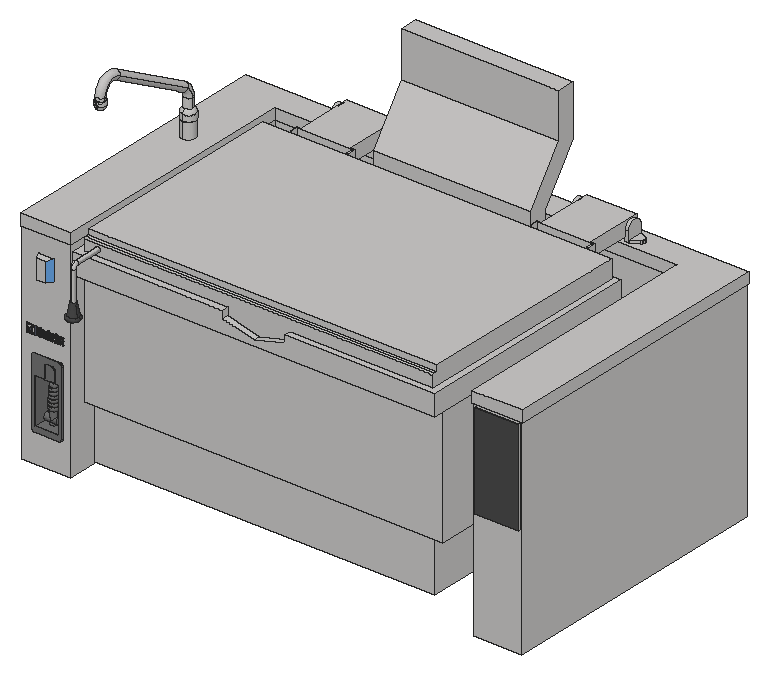
Revit family "QF_ELECTROLUXPROFESSIONAL_586933_PFET17GCCS", category Specialty Equipment, Revit 2018 (continued)
Automatic sketch dimensions
  Extrusion 27 sketch curve to Extrusion 27 sketch curve = 0.607 mm
  Extrusion 27 sketch curve to Extrusion 27 sketch curve = 0.372 mm  (x2)
  Extrusion 27 sketch curve to Extrusion 27 sketch curve = 1.696 mm
  Extrusion 27 sketch curve to Extrusion 27 sketch curve = 1.752 mm
  Extrusion 27 sketch curve to Extrusion 27 sketch curve = 0.182 mm  (x2)
  Extrusion 27 sketch curve to Extrusion 27 sketch curve = 0.93 mm
  Extrusion 27 sketch curve to Extrusion 27 sketch curve = 0.155 mm  (x2)
  Extrusion 27 sketch curve to Extrusion 27 sketch curve = 0.996 mm
  Extrusion 27 sketch curve to Extrusion 27 sketch curve = 0.297 mm  (x2)
  Extrusion 27 sketch curve to Extrusion 27 sketch curve = 2.359 mm
  Extrusion 27 sketch curve to Extrusion 27 sketch curve = 0.839 mm
  Extrusion 27 sketch curve to Extrusion 27 sketch curve = 0.892 mm  (x2)
  Extrusion 27 sketch curve to Extrusion 27 sketch curve = 0.563 mm
  Extrusion 27 sketch curve to Extrusion 27 sketch curve = 1.037 mm
  Extrusion 27 sketch curve to Extrusion 27 sketch curve = 0.531 mm  (x2)
  Extrusion 27 sketch curve to Extrusion 27 sketch curve = 0.068 mm  (x2)
  Extrusion 27 sketch curve to Extrusion 27 sketch curve = 0.203 mm
  Extrusion 27 sketch curve to Extrusion 27 sketch curve = 0.107 mm  (x2)
  Extrusion 27 sketch curve to Extrusion 27 sketch curve = 1.305 mm
  Extrusion 27 sketch curve to Extrusion 27 sketch curve = 1.058 mm
  Extrusion 27 sketch curve to Extrusion 27 sketch curve = 0.365 mm
  Extrusion 27 sketch curve to Extrusion 27 sketch curve = 0.15 mm  (x2)
  Extrusion 27 sketch curve to Extrusion 27 sketch curve = 0.475 mm
  Extrusion 27 sketch curve to Extrusion 27 sketch curve = 0.292 mm
  Extrusion 27 sketch curve to Extrusion 27 sketch curve = 0.434 mm  (x2)
  Extrusion 27 sketch curve to Extrusion 27 sketch curve = 0.385 mm  (x2)
  Extrusion 27 sketch curve to Extrusion 27 sketch curve = 2.117 mm
  Extrusion 27 sketch curve to Extrusion 27 sketch curve = 0.295 mm  (x2)
  Extrusion 27 sketch curve to Extrusion 27 sketch curve = 0.968 mm
  Extrusion 27 sketch curve to Extrusion 27 sketch curve = 3.826 mm
  Extrusion 27 sketch curve to Extrusion 27 sketch curve = 1.018 mm  (x2)
  Extrusion 27 sketch curve to Extrusion 27 sketch curve = 4.718 mm
  Extrusion 27 sketch curve to Extrusion 27 sketch curve = 2.967 mm
  Extrusion 27 sketch curve to Extrusion 27 sketch curve = 1.662 mm
  Extrusion 27 sketch curve to Extrusion 27 sketch curve = 1.626 mm  (x3)
  Extrusion 27 sketch curve to Extrusion 27 sketch curve = 1.65 mm
  Extrusion 27 sketch curve to Extrusion 27 sketch curve = 1.192 mm
  Extrusion 27 sketch curve to Extrusion 27 sketch curve = 2.57 mm  (x2)
  Extrusion 27 sketch curve to Extrusion 27 sketch curve = 3.444 mm  (x2)
  Extrusion 27 sketch curve to Extrusion 27 sketch curve = 1.343 mm  (x2)
  Extrusion 27 sketch curve to Extrusion 27 sketch curve = 1.353 mm  (x2)
  Extrusion 27 sketch curve to Extrusion 27 sketch curve = 0.027 mm  (x2)
  Extrusion 27 sketch curve to Extrusion 27 sketch curve = 0.395 mm  (x2)
  Extrusion 27 sketch curve to Extrusion 27 sketch curve = 0.329 mm  (x2)
  Extrusion 27 sketch curve to Extrusion 27 sketch curve = 0.425 mm  (x2)
  Extrusion 27 sketch curve to Extrusion 27 sketch curve = 0.051 mm  (x2)
  Extrusion 27 sketch curve to Extrusion 27 sketch curve = 0.495 mm  (x2)
  Extrusion 27 sketch curve to Extrusion 27 sketch curve = 0.267 mm  (x2)
  Extrusion 27 sketch curve to Extrusion 27 sketch curve = 1.40 mm
  Extrusion 27 sketch curve to Extrusion 27 sketch curve = 5.233 mm
  Extrusion 27 sketch curve to Extrusion 27 sketch curve = 2.062 mm
  plane 3 "LEFT" to Extrusion 28 sketch curve = 43.40 mm
  Extrusion 28 sketch curve to Extrusion 28 sketch curve = 82.00 mm
  plane 7 to Extrusion 28 sketch curve = 105.944 mm
  Extrusion 28 sketch curve to Extrusion 28 sketch curve = 195.00 mm
  radius of Sweep 5 sketch curve = 6.119 mm
  radius of Extrusion 22 sketch curve = 6.35 mm  (x2)
  radius of Extrusion 22 sketch curve = 12.70 mm
  radius of Extrusion 23 sketch curve = 6.35 mm
  radius of curve 27 = 25.00 mm
  radius of Extrusion 27 sketch curve = 2.453 mm
  radius of Extrusion 27 sketch curve = 1.557 mm
  radius of Extrusion 27 sketch curve = 1.468 mm
  radius of Extrusion 27 sketch curve = 2.451 mm
Nested families
  nested 1: "QF_ELECTROLUXPROFESSIONAL_RubSprint" at (80, -330.346, 900), type "QF_ELECTROLUXPROFESSIONAL_RubSprint"
  nested 2: "QF_ELECTROLUXPROFESSIONAL_SprayGun" at (80.4, -837, 291.944), type "QF_ELECTROLUXPROFESSIONAL_SprayGun"
Connectors
  electrical at (1521.204, 5, 320), driven by "Volts"
    settings: on Extrusion 23, index 1, voltage 230 V, apparent load 200 VA, apparent load phase1 0 VA, apparent load phase2 0 VA, apparent load phase3 0 VA, power factor 1, load classification "Other", number of poles 1, system type 30, power factor state 1, is connector primary yes, connector utility no, sub classification motor no, connector description "Electrical Connection"
  piping at (106.204, 5, 395), diameter 12.7
    settings: on Extrusion 22, index 2, connector inside diameter 1/2", connector length 0.00 mm, flow factor 0, pipe flow 0 GPM, pressure drop 0.00 psi, fitting loss kfactor 0, connector angle 0.00°, fixture units 0, engagement length 0.00 mm, angle of deflection 0.00°, flow configuration 1, flow direction 1, fitting loss method 0, system type 20, joint type 0, gender type 0, connector reference index -1, connector utility 0, adjustable connector no, is connector primary yes, connector description "Cold Water Inlet"
  piping at (46.204, 5, 395), diameter 12.7
    settings: on Extrusion 22, index 3, connector inside diameter 1/2", connector length 0.00 mm, flow factor 0, pipe flow 0 GPM, pressure drop 0.00 psi, fitting loss kfactor 0, connector angle 0.00°, fixture units 0, engagement length 0.00 mm, angle of deflection 0.00°, flow configuration 1, flow direction 1, fitting loss method 0, system type 19, joint type 0, gender type 0, connector reference index -1, connector utility 0, adjustable connector no, is connector primary no, connector description "Hot Water Inlet"
  piping at (75, 5, 345), diameter 25.4
    settings: on Extrusion 22, index 4, connector inside diameter 1", connector length 0.00 mm, flow factor 0, pipe flow 0 GPM, pressure drop 0.00 psi, fitting loss kfactor 0, connector angle 0.00°, fixture units 0, engagement length 0.00 mm, angle of deflection 0.00°, flow configuration 1, flow direction 1, fitting loss method 0, system type 7, joint type 0, gender type 0, connector reference index -1, connector utility 0, adjustable connector no, is connector primary no, connector description "Gas Connection"
Definition of nested family "QF_ELECTROLUXPROFESSIONAL_RubSprint"
  Reference planes
    plane 1 "Center (Front/Back)": y = 0
    plane 2: z = 0
    plane 3 "Center (Left/Right)": x = 0
  Forms (mm)
    Revolve 1, solid
      sketch origin (0, 0, 0) x (0, 1, 0) y (0, 0, 1)
        loop
          line (-21, 0) -> (0, 0) -> (0, 82.75) -> (-14.385, 82.75)
          arc (-14.385, 82.75) -> (-19.409, 76.68) -> (-22.385, 69.383) r 26
          line (-22.385, 69.383) -> (-22.385, 51.306) -> (-21, 50.388) -> (-21, 0)
        axis (0, 82.75) -> (0, 0)
      angle from 0 to 360
    Sweep 2, solid
      path origin (0, 0, 0) x (0, 1, 0) y (0, 0, 1)
        loop
          line (0, 82.75) -> (0, 113.75)
          arc (0, 113.75) -> (-5.44, 133.889) -> (-20.279, 148.551) r 40
          line (-20.279, 148.551) -> (-290.279, 301.55)
          arc (-290.279, 301.55) -> (-330.139, 301.31) -> (-349.999, 266.749) r 40
          line (-349.999, 266.749) -> (-349.999, 257.884)
      profile origin (0, 0, 98.25) x (0, -1, 0) y (1, 0, 0)
        loop
          circle (0, 0) r 13.5
    Revolve 3, solid
      sketch origin (0, 0, 0) x (0, 1, 0) y (0, 0, 1)
        loop
          line (-333.717, 244.264) -> (-333.717, 254.236)
          arc (-333.717, 254.236) -> (-334.434, 255.758) -> (-335.779, 256.77) r 3.5
          line (-335.779, 256.77) -> (-336.499, 257.884) -> (-349.999, 257.884) -> (-349.999, 233.05) -> (-339.2, 233.05)
          arc (-339.2, 233.05) -> (-338.052, 233.411) -> (-337.32, 234.365) r 2
          line (-337.32, 234.365) -> (-333.717, 244.264)
        axis (-349.999, 257.884) -> (-349.999, 233.05)
      angle from 0 to 360
  Lines and regions (mm)
    symbolic lines
      curve 1: arc (-13.5, -17.856, 0) -> (0, 22.385, 0) -> (13.5, -17.856, 0) r 22.385
      curve 2: arc (-13.5, 0, 0) -> (0, 13.5, 0) -> (13.5, 0, 0) r 13.5
      curve 3: arc (-13.5, -349.999, 0) -> (0, -363.499, 0) -> (13.5, -349.999, 0) r 13.5
      curve 4: arc (-13.5, -340.897, 0) -> (0, -366.281, 0) -> (13.5, -340.897, 0) r 16.282
      curve 5: line (13.5, -349.999, 0) -> (13.5, 0, 0)
      curve 6: line (-13.5, -349.999, 0) -> (-13.5, 0, 0)
  Dimensions and locks
    aligned and locked: level to plane 2
Definition of nested family "QF_ELECTROLUXPROFESSIONAL_SprayGun"
  Reference planes
    plane 1 "Center (Front/Back)": y = 0
    plane 2: z = 0
    plane 3 "SGy": x = 13
    plane 4 "AxeZ": y = -45
    plane 5 "Center (Left/Right)": x = 4
    plane 6 "Center (Top/Right)": z = 112.5
  Forms (mm)
    Revolve 1, solid
      sketch origin (0, -45, 0) x (0, 0, 1) y (-1, 0, 0)
        loop
          line (73.98, -1.423) -> (33.98, -1.423) -> (33.98, -13) -> (151.7, -13) -> (151.7, -4.362)
          arc (151.7, -4.362) -> (147.093, -1.396) -> (141.64, -1.926) r 8.345
          arc (141.64, -1.926) -> (140.226, -2.024) -> (139.103, -1.16) r 2
          arc (139.103, -1.16) -> (138.832, -0.814) -> (138.493, -0.536) r 2
          arc (138.493, -0.536) -> (134.77, 0.557) -> (131.061, -0.581) r 6.745
          arc (131.061, -0.581) -> (129.812, -0.914) -> (128.62, -0.414) r 2
          arc (128.62, -0.414) -> (124.347, 1.338) -> (119.917, 0.035) r 6.972
          arc (119.917, 0.035) -> (118.79, -0.341) -> (117.648, -0.011) r 2
          arc (117.648, -0.011) -> (113.81, 1.188) -> (109.921, 0.166) r 7.275
          arc (109.921, 0.166) -> (108.725, -0.109) -> (107.594, 0.367) r 2
          arc (107.594, 0.367) -> (103.55, 1.928) -> (99.427, 0.587) r 6.475
          arc (99.427, 0.587) -> (98.262, 0.173) -> (97.076, 0.524) r 2
          arc (97.076, 0.524) -> (92.711, 1.941) -> (88.277, 0.758) r 8.094
          arc (88.277, 0.758) -> (87.212, 0.464) -> (86.153, 0.781) r 2
          arc (86.153, 0.781) -> (79.633, 2.075) -> (73.98, -1.423) r 9.075
        axis (151.7, -13) -> (33.98, -13)
      angle from 0 to 360
    Revolve 2, solid
      sketch origin (0, -45, 0) x (0, 0, 1) y (-1, 0, 0)
        loop
          line (47.58, 11.558) -> (40.98, 11.558) -> (40.98, 9.577) -> (35.98, 9.577) -> (35.98, -30.423) -> (40.98, -30.423) -> (40.98, -35.423) -> (47.58, -35.423) -> (47.58, 11.558)
        axis (47.58, 11.558) -> (47.58, -35.423)
      angle from 0 to 360
    Extrusion 3, solid
      sketch origin (0, -45, 0) x (1, 0, 0) y (0, 1, 0)
        loop
          line (21.638, 0) -> (17.319, 7.481) -> (8.681, 7.481) -> (4.362, 0) -> (8.681, -7.481) -> (17.319, -7.481) -> (21.638, 0)
      from 151.7 to 160.974
    Extrusion 4, solid
      sketch origin (0, 0, 0) x (1, 0, 0) y (0, 0, 1)
        loop
          arc (-45, 10) -> (-42.071, 2.929) -> (-35, 0) r 10
          line (-35, 0) -> (43, 0)
          arc (43, 0) -> (50.071, 2.929) -> (53, 10) r 10
          line (53, 10) -> (53, 215)
          arc (53, 215) -> (50.071, 222.071) -> (43, 225) r 10
          line (43, 225) -> (-35, 225)
          arc (-35, 225) -> (-42.071, 222.071) -> (-45, 215) r 10
          line (-45, 215) -> (-45, 10)
        loop
          line (-35, 162) -> (-35, 16) -> (43, 16) -> (43, 162) -> (29, 162) -> (29, 199)
          arc (29, 199) -> (26.657, 204.657) -> (21, 207) r 8
          line (21, 207) -> (5, 207)
          arc (5, 207) -> (-0.657, 204.657) -> (-3, 199) r 8
          line (-3, 199) -> (-3, 162) -> (-35, 162)
      from 63 to 60
    Extrusion 5, solid
      sketch origin (0, 0, 0) x (1, 0, 0) y (0, 0, 1)
        loop
          line (-35, 16) -> (43, 16) -> (43, 162) -> (29, 162) -> (29, 199)
          arc (29, 199) -> (26.657, 204.657) -> (21, 207) r 8
          line (21, 207) -> (5, 207)
          arc (5, 207) -> (-0.657, 204.657) -> (-3, 199) r 8
          line (-3, 199) -> (-3, 162) -> (-35, 162) -> (-35, 16)
        loop
          line (31, 164) -> (31, 199)
          arc (31, 199) -> (28.071, 206.071) -> (21, 209) r 10
          line (21, 209) -> (5, 209)
          arc (5, 209) -> (-2.071, 206.071) -> (-5, 199) r 10
          line (-5, 199) -> (-5, 164) -> (-37, 164) -> (-37, 14) -> (45, 14) -> (45, 164) -> (31, 164)
      from 0 to 60
    Extrusion 6, solid
      sketch origin (0, 0, 0) x (1, 0, 0) y (0, 0, 1)
        loop
          line (-37, 164) -> (-37, 14) -> (45, 14) -> (45, 164) -> (-37, 164)
      from 6 to 0
    Extrusion 7, solid
      sketch origin (0, 0, 0) x (1, 0, 0) y (0, 0, 1)
        loop
          line (28, 160.974) -> (28, 198)
          arc (28, 198) -> (25.657, 203.657) -> (20, 206) r 8
          line (20, 206) -> (6, 206)
          arc (6, 206) -> (0.343, 203.657) -> (-2, 198) r 8
          line (-2, 198) -> (-2, 160.974) -> (28, 160.974)
      from 0 to 63
  Dimensions and locks
    equal spacing: Extrusion 4, plane 5 "Center (Left/Right)", Extrusion 4
    Extrusion 4 to Extrusion 4 = 225.00 mm
    Extrusion 4 to Extrusion 4 = 98.00 mm
    aligned and locked: level to plane 2
  Automatic sketch dimensions
    plane 3 "SGy" to Revolve 1 sketch curve = 0.00 mm  (x2)
    plane 5 "Center (Left/Right)" to Revolve 1 sketch curve = 2.577 mm
    level to Revolve 1 sketch curve = 33.98 mm
    Revolve 1 sketch curve to Revolve 1 sketch curve = 40.00 mm
    Revolve 1 sketch curve to plane 5 "Center (Left/Right)" = 2.854 mm
    Revolve 1 sketch curve to Revolve 1 sketch curve = 7.27 mm
    Revolve 1 sketch curve to Revolve 1 sketch curve = 5.984 mm
    Revolve 1 sketch curve to plane 5 "Center (Left/Right)" = 2.15 mm
    Revolve 1 sketch curve to Revolve 1 sketch curve = 5.262 mm
    Revolve 1 sketch curve to Revolve 1 sketch curve = 5.712 mm
    Revolve 1 sketch curve to plane 5 "Center (Left/Right)" = 0.545 mm
    Revolve 1 sketch curve to Revolve 1 sketch curve = 5.167 mm
    Revolve 1 sketch curve to Revolve 1 sketch curve = 5.522 mm
    Revolve 1 sketch curve to plane 5 "Center (Left/Right)" = 2.085 mm
    Revolve 1 sketch curve to Revolve 1 sketch curve = 4.746 mm
    Revolve 1 sketch curve to Revolve 1 sketch curve = 5.106 mm
    Revolve 1 sketch curve to plane 5 "Center (Left/Right)" = 1.624 mm
    Revolve 1 sketch curve to Revolve 1 sketch curve = 5.239 mm
    Revolve 1 sketch curve to Revolve 1 sketch curve = 5.96 mm
    Revolve 1 sketch curve to plane 5 "Center (Left/Right)" = 2.187 mm
    Revolve 1 sketch curve to Revolve 1 sketch curve = 4.862 mm
    plane 5 "Center (Left/Right)" to Revolve 1 sketch curve = 1.788 mm
    Revolve 1 sketch curve to Revolve 1 sketch curve = 2.59 mm
    Revolve 1 sketch curve to Revolve 1 sketch curve = 3.403 mm
    plane 3 "SGy" to Revolve 1 sketch curve = 3.493 mm
    Revolve 1 sketch curve to Revolve 1 sketch curve = 4.325 mm
    Revolve 1 sketch curve to Revolve 1 sketch curve = 6.57 mm
    Revolve 1 sketch curve to plane 5 "Center (Left/Right)" = 0.362 mm
    plane 5 "Center (Left/Right)" to Revolve 1 sketch curve = 3.891 mm
    plane 5 "Center (Left/Right)" to Revolve 1 sketch curve = 5.081 mm
    plane 5 "Center (Left/Right)" to Revolve 1 sketch curve = 5.658 mm
    plane 5 "Center (Left/Right)" to Revolve 1 sketch curve = 5.884 mm
    plane 5 "Center (Left/Right)" to Revolve 1 sketch curve = 6.173 mm
    plane 5 "Center (Left/Right)" to Revolve 1 sketch curve = 6.464 mm
    Revolve 1 sketch curve to Revolve 1 sketch curve = 7.72 mm
    Revolve 1 sketch curve to Revolve 1 sketch curve = 0.00 mm  (x12)
    Revolve 1 sketch curve to Revolve 1 sketch curve = 1.57 mm
    Revolve 2 sketch curve to plane 3 "SGy" = 17.423 mm
    level to Revolve 2 sketch curve = 35.98 mm
    Revolve 2 sketch curve to Revolve 2 sketch curve = 5.00 mm  (x3)
    Revolve 2 sketch curve to Revolve 2 sketch curve = 6.60 mm
    plane 5 "Center (Left/Right)" to Revolve 2 sketch curve = 13.577 mm
    Revolve 2 sketch curve to Revolve 2 sketch curve = 1.981 mm
    Revolve 2 sketch curve to Revolve 2 sketch curve = 0.00 mm  (x2)
    Revolve 2 sketch curve to Revolve 2 sketch curve = 4.326 mm
    plane 4 "AxeZ" to Extrusion 3 sketch curve = 0.00 mm  (x2)
    Extrusion 3 sketch curve to plane 5 "Center (Left/Right)" = 0.362 mm
    plane 3 "SGy" to Extrusion 3 sketch curve = 4.319 mm  (x2)
    Extrusion 3 sketch curve to plane 3 "SGy" = 4.319 mm  (x2)
    Extrusion 3 sketch curve to Extrusion 3 sketch curve = 4.319 mm
    plane 4 "AxeZ" to Extrusion 3 sketch curve = 7.481 mm
    Extrusion 3 sketch curve to plane 4 "AxeZ" = 7.481 mm
    Extrusion 4 sketch curve to level = 0.00 mm
    level to Extrusion 4 sketch curve = 10.00 mm
    plane 5 "Center (Left/Right)" to Extrusion 4 sketch curve = 49.00 mm
    Extrusion 4 sketch curve to Extrusion 4 sketch curve = 10.00 mm  (x2)
    Extrusion 4 sketch curve to Extrusion 4 sketch curve = 0.00 mm  (x3)
    plane 5 "Center (Left/Right)" to Extrusion 4 sketch curve = 7.00 mm
    Extrusion 4 sketch curve to plane 5 "Center (Left/Right)" = 1.00 mm
    Extrusion 4 sketch curve to plane 3 "SGy" = 8.00 mm
    Extrusion 4 sketch curve to plane 3 "SGy" = 16.00 mm
    Extrusion 4 sketch curve to Extrusion 4 sketch curve = 14.00 mm  (x2)
    Extrusion 4 sketch curve to Extrusion 4 sketch curve = 6.00 mm
    Extrusion 4 sketch curve to Extrusion 4 sketch curve = 146.00 mm
    Extrusion 4 sketch curve to Extrusion 4 sketch curve = 37.00 mm
    Extrusion 4 sketch curve to Extrusion 4 sketch curve = 16.00 mm
    Extrusion 5 sketch curve to Extrusion 5 sketch curve = 0.00 mm  (x5)
    level to Extrusion 5 sketch curve = 14.00 mm
    plane 5 "Center (Left/Right)" to Extrusion 5 sketch curve = 41.00 mm
    Extrusion 5 sketch curve to Extrusion 5 sketch curve = 2.00 mm  (x6)
    plane 5 "Center (Left/Right)" to Extrusion 5 sketch curve = 9.00 mm
    Extrusion 5 sketch curve to plane 5 "Center (Left/Right)" = 1.00 mm
    Extrusion 5 sketch curve to plane 3 "SGy" = 8.00 mm
    Extrusion 5 sketch curve to Extrusion 5 sketch curve = 8.00 mm
    Extrusion 5 sketch curve to plane 3 "SGy" = 30.00 mm
    Extrusion 5 sketch curve to Extrusion 5 sketch curve = 146.00 mm
    Extrusion 5 sketch curve to Extrusion 5 sketch curve = 35.00 mm
    level to Extrusion 6 sketch curve = 14.00 mm
    plane 5 "Center (Left/Right)" to Extrusion 6 sketch curve = 41.00 mm
    Extrusion 6 sketch curve to plane 3 "SGy" = 32.00 mm
    Extrusion 6 sketch curve to Extrusion 6 sketch curve = 150.00 mm
    plane 5 "Center (Left/Right)" to Extrusion 7 sketch curve = 6.00 mm
    Extrusion 7 sketch curve to plane 5 "Center (Left/Right)" = 2.00 mm
    Extrusion 7 sketch curve to plane 3 "SGy" = 7.00 mm
    Extrusion 7 sketch curve to plane 3 "SGy" = 15.00 mm
    level to Extrusion 7 sketch curve = 160.974 mm
    Extrusion 7 sketch curve to Extrusion 7 sketch curve = 37.026 mm
